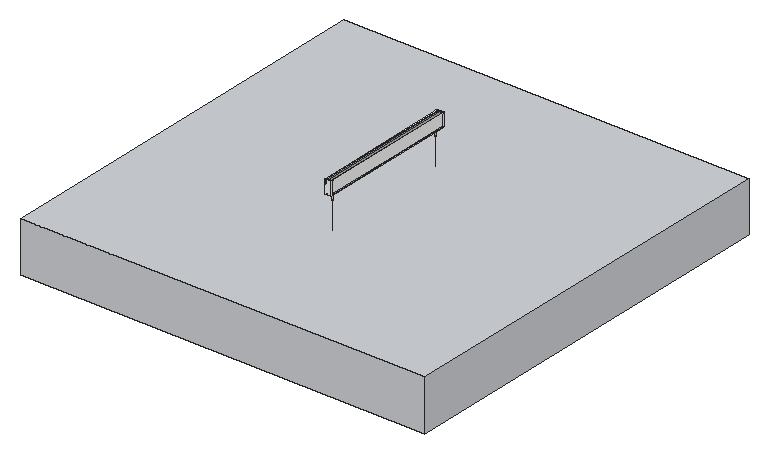
Revit family "LAMP_FIL 35 1400MM D-I OPAL", category Luminarias, Revit 2018
Family settings
  Anfitrión = Cara
  Cota de conector redondo = Diámetro de uso
  Tipo de pieza = Normal
  Corte con vacíos al cargar = No
  Origen de luz = Sí
  Compartido = No
  Punto de cálculo de habitación = No
Parameters (values of type "2817LM 3000K  BLACK")
  Ángulo de inclinación = -90.00°
  Weight = 3.17 kg
  Wattage = 16.44 W
  Type = "MID POWER TRIDONIC"
  built-in parameter 1150107 = 3000 (stored number, unit not read)
  NOT COVER 2 [instance] = not(END COVER 2)  # no
  NOT COVER 1 [instance] = not(END COVER 1)  # no
  Indirect light = LAMP_FIL 35 1400MM D-I OPAL_I : 3000K
  END COVER 2 [instance] = yes
  END COVER 1 [instance] = yes
  Suspension distance [instance] = if(Suspension > 4000 mm, 4000 mm, if(Suspension < 1 mm, 1 mm, Suspension))  # 200 mm
  Suspension [instance] = 200 mm
  built-in parameter 1150110 = 1 (stored number, unit not read)
  built-in parameter 1150109 = 1 (stored number, unit not read)
  built-in parameter 1150112 = 1 (stored number, unit not read)
  built-in parameter 1150113 = 1 (stored number, unit not read)
  built-in parameter 1114218 = 1 (stored number, unit not read)
  Protection rating = "IP20 / IK07"
  Product datasheet = "http://www.lamp.es/product-files/TECH/F31SF140LOIO830NB-EN.pdf"
  Product code = "F31SF140LOIO830NB"
  Product URL = "https://www.lamp.es/en/family/fil-35_413911"
  Power Supply = "220-240V 50/60Hz"
  Power = 23 W
  Plum = 27.4 W
  Photobiological risk = ""
  built-in parameter 1150137 = (empty or 0)
  built-in parameter 1150132 = 2
  Modelo = Product code  # "F31SF140LOIO830NB"
  Model Explanation = ""
  Material suspension = LAMP_Acero genérico
  Material perfil = LAMP_Aluminio Perfil Fil NG
  Material difusor = LAMP_PC Difusor Opal Fil
  Manufacturer name = "LAMP"
  Manufacturer country = "Spain"
  Manufacturer URL = "http://www.lamp.es/en"
  MacAdam = "3"
  Longitud de línea de emisión = 840 mm
  Last update = "14/05/2021"
  Lamp = "MID-POWER LED"
  LED Lifetime = "50.000 L90 B10"
  built-in parameter 1150105 = 134.49 (stored number, unit not read)
  built-in parameter 1150102 = (empty or 0)
  Insulation class = "I"
  Installation instructions = "https://www.lamp.es/product-files/INS/1004590-A%20INSTR.%20FIL35.pdf"
  built-in parameter 1150106 = 1.3449 (stored number, unit not read)
  IEE = "A+"
  Gear = "Electronic"
  Lumens = 1690.03 lm
  Finish = "Matte black RAL 9011"
  Color Filter = 16777215
  built-in parameter 1114217 = 1 (stored number, unit not read)
  built-in parameter 1150139 = (empty or 0)
  Fabricante = Manufacturer name  # "LAMP"
  Default Elevation = 1219.2 mm
  built-in parameter 1150104 = 9.5504 (stored number, unit not read)
  Efficacy = 102.8 lm/W
  Dimensions = "1400x35x80"
  Descripción = "FIL35 SUR 1400 3800 WW D/I OPAL BK."
  built-in parameter 1150115 = 1 (stored number, unit not read)
  built-in parameter 1150114 = 1 (stored number, unit not read)
  built-in parameter 1150138 = (empty or 0)
  built-in parameter 1150134 = 3
  Dimming Lamp Color Temperature Shift = (empty or 0)
  CRI = "80"
  Archivo de red fotométrica = "F31SF140LOIO830NB_D.IES"
  built-in parameter 1150133 = 10 (stored number, unit not read)
Types (12, lengths in mm): name | built-in parameter 1150107 | Indirect light | Product datasheet | Product code | Modelo | Material perfil | built-in parameter 1150105 | built-in parameter 1150106 | Lumens | Finish | built-in parameter 1150104 | Efficacy | Descripción | Archivo de red fotométrica
  2817LM 3000K DALI BLACK | 3000 (stored number, unit not read) | LAMP_FIL 35 1400MM D-I OPAL_I : 3000K | "http://www.lamp.es/product-files/TECH/F31SF140LOIO830DB-EN.pdf" | "F31SF140LOIO830DB" | "F31SF140LOIO830DB" | LAMP_Aluminio Perfil Fil NG | 134.49 (stored number, unit not read) | 1.3449 (stored number, unit not read) | 1690.03 lm | "Matte black RAL 9011" | 9.5504 (stored number, unit not read) | 102.8 lm/W | "FIL35 SUR 1400 2000 WW D/I OPAL DALI BK." | "F31SF140LOIO830NB_D.IES"
  2817LM 3000K DALI GREY | 3000 (stored number, unit not read) | LAMP_FIL 35 1400MM D-I OPAL_I : 3000K | "http://www.lamp.es/product-files/TECH/F31SF140LOIO830DG-EN.pdf" | "F31SF140LOIO830DG" | "F31SF140LOIO830DG" | LAMP_Aluminio Perfil Fil GR | 134.49 (stored number, unit not read) | 1.3449 (stored number, unit not read) | 1690.03 lm | "Gloss grey" | 9.5504 (stored number, unit not read) | 102.8 lm/W | "FIL35 SUR 1400 2000 WW D/I OPAL DALI GR." | "F31SF140LOIO830NB_D.IES"
  2817LM 3000K DALI WHITE | 3000 (stored number, unit not read) | LAMP_FIL 35 1400MM D-I OPAL_I : 3000K | "http://www.lamp.es/product-files/TECH/F31SF140LOIO830DW-EN.pdf" | "F31SF140LOIO830DW" | "F31SF140LOIO830DW" | LAMP_Aluminio Perfil Fil BL | 134.49 (stored number, unit not read) | 1.3449 (stored number, unit not read) | 1690.03 lm | "Matte white RAL 9010" | 9.5504 (stored number, unit not read) | 102.8 lm/W | "FIL35 SUR 1400 2000 WW D/I OPAL DALI WH." | "F31SF140LOIO830NB_D.IES"
  2817LM 3000K  BLACK | 3000 (stored number, unit not read) | LAMP_FIL 35 1400MM D-I OPAL_I : 3000K | "http://www.lamp.es/product-files/TECH/F31SF140LOIO830NB-EN.pdf" | "F31SF140LOIO830NB" | "F31SF140LOIO830NB" | LAMP_Aluminio Perfil Fil NG | 134.49 (stored number, unit not read) | 1.3449 (stored number, unit not read) | 1690.03 lm | "Matte black RAL 9011" | 9.5504 (stored number, unit not read) | 102.8 lm/W | "FIL35 SUR 1400 3800 WW D/I OPAL BK." | "F31SF140LOIO830NB_D.IES"
  2817LM 3000K  GREY | 3000 (stored number, unit not read) | LAMP_FIL 35 1400MM D-I OPAL_I : 3000K | "http://www.lamp.es/product-files/TECH/F31SF140LOIO830NG-EN.pdf" | "F31SF140LOIO830NG" | "F31SF140LOIO830NG" | LAMP_Aluminio Perfil Fil GR | 134.49 (stored number, unit not read) | 1.3449 (stored number, unit not read) | 1690.03 lm | "Gloss grey" | 9.5504 (stored number, unit not read) | 102.8 lm/W | "FIL35 SUR 1400 2000 WW D/I OPAL GR." | "F31SF140LOIO830NB_D.IES"
  2817LM 3000K  WHITE | 3000 (stored number, unit not read) | LAMP_FIL 35 1400MM D-I OPAL_I : 3000K | "http://www.lamp.es/product-files/TECH/F31SF140LOIO830NW-EN.pdf" | "F31SF140LOIO830NW" | "F31SF140LOIO830NW" | LAMP_Aluminio Perfil Fil BL | 134.49 (stored number, unit not read) | 1.3449 (stored number, unit not read) | 1690.03 lm | "Matte white RAL 9010" | 9.5504 (stored number, unit not read) | 102.8 lm/W | "FIL35 SUR 1400 2000 WW D/I OPAL WH." | "F31SF140LOIO830NB_D.IES"
  2966LM 4000K DALI BLACK | 4000 (stored number, unit not read) | LAMP_FIL 35 1400MM D-I OPAL_I : 4000K | "http://www.lamp.es/product-files/TECH/F31SF140LOIO840DB-EN.pdf" | "F31SF140LOIO840DB" | "F31SF140LOIO840DB" | LAMP_Aluminio Perfil Fil NG | 141.55 (stored number, unit not read) | 1.4155 (stored number, unit not read) | 1778.81 lm | "Matte black RAL 9011" | 10.052 (stored number, unit not read) | 108.2 lm/W | "FIL35 SUR 1400 2000 NW D/I OPAL DALI BK." | "F31SF140LOIO840NB_D.IES"
  2966LM 4000K DALI GREY | 4000 (stored number, unit not read) | LAMP_FIL 35 1400MM D-I OPAL_I : 4000K | "http://www.lamp.es/product-files/TECH/F31SF140LOIO840DG-EN.pdf" | "F31SF140LOIO840DG" | "F31SF140LOIO840DG" | LAMP_Aluminio Perfil Fil GR | 141.55 (stored number, unit not read) | 1.4155 (stored number, unit not read) | 1778.81 lm | "Gloss grey" | 10.052 (stored number, unit not read) | 108.2 lm/W | "FIL35 SUR 1400 2000 NW D/I OPAL DALI GR." | "F31SF140LOIO840NB_D.IES"
  2966LM 4000K DALI WHITE | 4000 (stored number, unit not read) | LAMP_FIL 35 1400MM D-I OPAL_I : 4000K | "http://www.lamp.es/product-files/TECH/F31SF140LOIO840DW-EN.pdf" | "F31SF140LOIO840DW" | "F31SF140LOIO840DW" | LAMP_Aluminio Perfil Fil BL | 141.55 (stored number, unit not read) | 1.4155 (stored number, unit not read) | 1778.81 lm | "Matte white RAL 9010" | 10.052 (stored number, unit not read) | 108.2 lm/W | "FIL35 SUR 1400 2000 NW D/I OPAL DALI WH." | "F31SF140LOIO840NB_D.IES"
  2966LM 4000K  BLACK | 4000 (stored number, unit not read) | LAMP_FIL 35 1400MM D-I OPAL_I : 4000K | "http://www.lamp.es/product-files/TECH/F31SF140LOIO840NB-EN.pdf" | "F31SF140LOIO840NB" | "F31SF140LOIO840NB" | LAMP_Aluminio Perfil Fil NG | 141.55 (stored number, unit not read) | 1.4155 (stored number, unit not read) | 1778.81 lm | "Matte black RAL 9011" | 10.052 (stored number, unit not read) | 108.2 lm/W | "FIL35 SUR 1400 2000 NW D/I OPAL BK." | "F31SF140LOIO840NB_D.IES"
  2966LM 4000K  GREY | 4000 (stored number, unit not read) | LAMP_FIL 35 1400MM D-I OPAL_I : 4000K | "http://www.lamp.es/product-files/TECH/F31SF140LOIO840NG-EN.pdf" | "F31SF140LOIO840NG" | "F31SF140LOIO840NG" | LAMP_Aluminio Perfil Fil GR | 141.55 (stored number, unit not read) | 1.4155 (stored number, unit not read) | 1778.81 lm | "Gloss grey" | 10.052 (stored number, unit not read) | 108.2 lm/W | "FIL35 SUR 1400 2000 NW D/I OPAL GR." | "F31SF140LOIO840NB_D.IES"
  2966LM 4000K  WHITE | 4000 (stored number, unit not read) | LAMP_FIL 35 1400MM D-I OPAL_I : 4000K | "http://www.lamp.es/product-files/TECH/F31SF140LOIO840NW-EN.pdf" | "F31SF140LOIO840NW" | "F31SF140LOIO840NW" | LAMP_Aluminio Perfil Fil BL | 141.55 (stored number, unit not read) | 1.4155 (stored number, unit not read) | 1778.81 lm | "Matte white RAL 9010" | 10.052 (stored number, unit not read) | 108.2 lm/W | "FIL35 SUR 1400 2000 NW D/I OPAL WH." | "F31SF140LOIO840NB_D.IES"
Reference planes
  plane 1 "Centro (Frontal/Posterior)": y = 0
  plane 2: z = 0
  plane 3 "Centro (Izquierda/Derecha)": x = 0
Forms (mm)
  Extrusion 1, solid
    sketch origin (0, 0, 0) x (1, 0, 0) y (0, 1, 0)
      loop
        line (-1219.2, 1219.2) -> (-1219.2, -1219.2) -> (1219.2, -1219.2) -> (1219.2, 1219.2) -> (-1219.2, 1219.2)
    from 0 to -304.8
  Extrusion 2, solid, material "LAMP_Aluminio Perfil Fil NG" <- "Material perfil"
    sketch origin (0, 0, 0) x (1, 0, 0) y (0, 0, 1)
      loop
        arc (17.75, 285.7) -> (16.75, 286.7) -> (15.75, 285.7) r 1
        line (15.75, 285.7) -> (15.75, 284.2) -> (13.95, 284.2) -> (13.95, 259) -> (0, 259) -> (-13.95, 259) -> (-13.95, 284.2) -> (-15.75, 284.2) -> (-15.75, 285.7)
        arc (-15.75, 285.7) -> (-16.75, 286.7) -> (-17.75, 285.7) r 1
        line (-17.75, 285.7) -> (-17.75, 206.5) -> (-16.75, 206.5) -> (-16.75, 209.7) -> (-12.5, 209.7) -> (-12.5, 207.7) -> (-14.8, 207.7) -> (-13.6, 206.5) -> (-11, 206.5) -> (-11, 214.5) -> (0, 214.5) -> (11, 214.5) -> (11, 206.5) -> (13.6, 206.5) -> (14.8, 207.7) -> (12.5, 207.7) -> (12.5, 209.7) -> (16.75, 209.7) -> (16.75, 206.5) -> (17.75, 206.5) -> (17.75, 285.7)
    from -420 to 420
  Extrusion 3, solid, material "LAMP_Acero genérico" <- "Material suspension"
    sketch origin (0, 0, 0) x (1, 0, 0) y (0, 0, 1)
      loop
        line (-12.5, 201) -> (-15.291, 208.272) -> (-13.251, 209.7) -> (-14.251, 209.7) -> (-16.291, 208.272) -> (-13.116, 200) -> (0, 200) -> (13.116, 200) -> (16.291, 208.272) -> (14.251, 209.7) -> (13.251, 209.7) -> (15.291, 208.272) -> (12.5, 201) -> (0, 201) -> (-12.5, 201)
    from -400 to -378
  Extrusion 4, solid, material "LAMP_Acero genérico" <- "Material suspension"
    sketch origin (0, -24, 0) x (1, 0, 0) y (0, 1, 0)
      loop
        circle (0, -365) r 5
    from 163.2 to 200
  Extrusion 5, solid, material "LAMP_Acero genérico" <- "Material suspension"
    sketch origin (0, 24, 0) x (1, 0, 0) y (0, 1, 0)
      loop
        circle (0, 365) r 5
    from 163.2 to 200
  Extrusion 6, solid, material "LAMP_Acero genérico" <- "Material suspension"
    sketch origin (0, 0, 0) x (1, 0, 0) y (0, 1, 0)
      loop
        circle (0, -389) r 1
    from 0 to 163.2
  Extrusion 7, solid, material "LAMP_Acero genérico" <- "Material suspension"
    sketch origin (0, 0, 0) x (1, 0, 0) y (0, 1, 0)
      loop
        circle (0, 389) r 1
    from 0 to 163.2
  Extrusion 8, solid, material "LAMP_PC Difusor Opal Fil" <- "Material difusor"
    sketch origin (0, 0, -200) x (1, 0, 0) y (0, 0, 1)
      loop
        line (-15.75, 484.2) -> (0, 484.2) -> (15.75, 484.2) -> (15.75, 486.7) -> (0, 486.7) -> (-15.75, 486.7) -> (-15.75, 484.2)
    from 420 to -420
  Extrusion 9, solid, material "LAMP_Acero genérico" <- "Material suspension"
    sketch origin (0, 0, 0) x (1, 0, 0) y (0, 0, -1)
      loop
        line (-12.5, -201) -> (0, -201) -> (12.5, -201) -> (15.291, -208.272) -> (13.251, -209.7) -> (14.251, -209.7) -> (16.291, -208.272) -> (13.116, -200) -> (0, -200) -> (-13.116, -200) -> (-16.291, -208.272) -> (-14.251, -209.7) -> (-13.251, -209.7) -> (-15.291, -208.272) -> (-12.5, -201)
    from -400 to -378
  Extrusion 10, solid, material "LAMP_PC Difusor Opal Fil" <- "Material difusor"
    sketch origin (0, 0, 0) x (1, 0, 0) y (0, 0, 1)
      loop
        line (-11, 214.5) -> (-11, 206.5) -> (-7.529, 206.5) -> (11, 206.5) -> (11, 214.5) -> (10, 214.5) -> (10, 207.5) -> (-10, 207.5) -> (-10, 214.5) -> (-11, 214.5)
    from 420 to -420
Lines and regions (mm)
  reference lines
    curve 1: line (0, -445.47, 200) -> (0, 544.53, 200)
Text (mm)
  text "Any modification of the parameters and properties of the LAMP BIM models must be executed and validated by the LAMP technical department.\nPhone: +34 93 736 68 00\nE-mail: lamp@lamp.es\n\nLAMP reserves the right to modify the technical specifications of its products." at (3279.264, 5298.162, -2684.539), in view "Preview"
Dimensions and locks
  "Suspension distance": level to curve 1
  locked: Extrusion 4 to Extrusion 4 at 36.8
  locked: Extrusion 5 to Extrusion 5 at 36.8
  aligned and locked: plane 2 to Extrusion 1
  aligned and locked: level to Extrusion 1
  aligned and locked: curve 1 to Extrusion 9
  aligned and locked: curve 1 to Extrusion 3
  aligned and locked: Extrusion 4 to curve 1
  aligned and locked: Extrusion 5 to curve 1
  aligned and locked: Extrusion 6 to Extrusion 4
  aligned and locked: Extrusion 7 to Extrusion 5
  aligned and locked: Extrusion 2 to Extrusion 9
  aligned and locked: Extrusion 10 to Extrusion 2
  aligned and locked: Extrusion 8 to Extrusion 2
  aligned and locked: imposter light to Extrusion 8
  aligned and locked: Extrusion 2 to nested 1
  aligned and locked: nested 2 to Extrusion 2
Automatic sketch dimensions
  Extrusion 1 sketch curve to Extrusion 1 sketch curve = 2438.4 mm  (x2)
  Extrusion 4 sketch curve to plane 3 "Centro (Izquierda/Derecha)" = 0 mm
  plane 1 "Centro (Frontal/Posterior)" to Extrusion 4 sketch curve = 389 mm
  Extrusion 5 sketch curve to plane 3 "Centro (Izquierda/Derecha)" = 0 mm
  plane 1 "Centro (Frontal/Posterior)" to Extrusion 5 sketch curve = 389 mm
  Extrusion 6 sketch curve to plane 3 "Centro (Izquierda/Derecha)" = 0 mm
  plane 1 "Centro (Frontal/Posterior)" to Extrusion 6 sketch curve = 389 mm
  Extrusion 7 sketch curve to plane 3 "Centro (Izquierda/Derecha)" = 0 mm
  plane 1 "Centro (Frontal/Posterior)" to Extrusion 7 sketch curve = 389 mm
  Extrusion 10 sketch curve to plane 3 "Centro (Izquierda/Derecha)" = 11 mm
  Extrusion 10 sketch curve to Extrusion 10 sketch curve = 1 mm  (x3)
  Extrusion 10 sketch curve to Extrusion 10 sketch curve = 2.471 mm
  plane 3 "Centro (Izquierda/Derecha)" to Extrusion 10 sketch curve = 10 mm
  level to Extrusion 10 sketch curve = 206.5 mm
  Extrusion 10 sketch curve to Extrusion 10 sketch curve = 7 mm  (x2)
  Extrusion 2 sketch curve to plane 3 "Centro (Izquierda/Derecha)" = 0 mm  (x2)
  Extrusion 2 sketch curve to Extrusion 2 sketch curve = 11 mm
  Extrusion 2 sketch curve to Extrusion 2 sketch curve = 1.5 mm  (x4)
  Extrusion 2 sketch curve to Extrusion 2 sketch curve = 1.1 mm  (x2)
  Extrusion 2 sketch curve to plane 3 "Centro (Izquierda/Derecha)" = 13.95 mm
  Extrusion 2 sketch curve to Extrusion 2 sketch curve = 1.2 mm  (x4)
  Extrusion 2 sketch curve to Extrusion 2 sketch curve = 1.8 mm  (x2)
  Extrusion 2 sketch curve to Extrusion 2 sketch curve = 1 mm  (x3)
  plane 3 "Centro (Izquierda/Derecha)" to Extrusion 2 sketch curve = 11 mm
  plane 3 "Centro (Izquierda/Derecha)" to Extrusion 2 sketch curve = 13.95 mm
  Extrusion 2 sketch curve to Extrusion 2 sketch curve = 1.95 mm
  level to Extrusion 2 sketch curve = 206.5 mm
  Extrusion 2 sketch curve to Extrusion 2 sketch curve = 0 mm  (x3)
  Extrusion 2 sketch curve to Extrusion 2 sketch curve = 2 mm  (x2)
  Extrusion 2 sketch curve to Extrusion 2 sketch curve = 4.8 mm
  Extrusion 2 sketch curve to Extrusion 2 sketch curve = 44.5 mm
  Extrusion 2 sketch curve to Extrusion 2 sketch curve = 25.2 mm
  Extrusion 2 sketch curve to Extrusion 2 sketch curve = 26.7 mm
  Extrusion 8 sketch curve to plane 3 "Centro (Izquierda/Derecha)" = 0 mm  (x2)
  Extrusion 8 sketch curve to Extrusion 8 sketch curve = 15.75 mm
  plane 3 "Centro (Izquierda/Derecha)" to Extrusion 8 sketch curve = 15.75 mm
  level to Extrusion 8 sketch curve = 284.2 mm
  Extrusion 9 sketch curve to plane 3 "Centro (Izquierda/Derecha)" = 0 mm  (x2)
  Extrusion 9 sketch curve to Extrusion 9 sketch curve = 12.5 mm
  Extrusion 9 sketch curve to Extrusion 9 sketch curve = 0.616 mm  (x2)
  Extrusion 9 sketch curve to Extrusion 9 sketch curve = 0.751 mm  (x2)
  Extrusion 9 sketch curve to Extrusion 9 sketch curve = 1 mm  (x5)
  Extrusion 9 sketch curve to Extrusion 9 sketch curve = 1.04 mm  (x2)
  plane 3 "Centro (Izquierda/Derecha)" to Extrusion 9 sketch curve = 12.5 mm
  level to Extrusion 9 sketch curve = 209.7 mm
  Extrusion 9 sketch curve to Extrusion 9 sketch curve = 0 mm  (x3)
  Extrusion 9 sketch curve to Extrusion 9 sketch curve = 1.428 mm  (x2)
  Extrusion 9 sketch curve to Extrusion 9 sketch curve = 7.272 mm
  Extrusion 3 sketch curve to plane 3 "Centro (Izquierda/Derecha)" = 0 mm  (x2)
  Extrusion 3 sketch curve to Extrusion 3 sketch curve = 12.5 mm
  Extrusion 3 sketch curve to Extrusion 3 sketch curve = 0.616 mm  (x2)
  Extrusion 3 sketch curve to Extrusion 3 sketch curve = 0.751 mm  (x2)
  Extrusion 3 sketch curve to Extrusion 3 sketch curve = 1 mm  (x5)
  Extrusion 3 sketch curve to Extrusion 3 sketch curve = 1.04 mm  (x2)
  plane 3 "Centro (Izquierda/Derecha)" to Extrusion 3 sketch curve = 12.5 mm
  level to Extrusion 3 sketch curve = 200 mm
  Extrusion 3 sketch curve to Extrusion 3 sketch curve = 7.272 mm  (x2)
  Extrusion 3 sketch curve to Extrusion 3 sketch curve = 0 mm  (x2)
  Extrusion 3 sketch curve to Extrusion 3 sketch curve = 1.428 mm  (x2)
  Extrusion 8 sketch curve to Extrusion 8 sketch curve = 2.5 mm
  plane 1 "Centro (Frontal/Posterior)" to curve 1 = 445.47 mm
  curve 1 to plane 1 "Centro (Frontal/Posterior)" = 544.53 mm
  radius of Extrusion 4 sketch curve = 5 mm
  radius of Extrusion 5 sketch curve = 5 mm
  radius of Extrusion 6 sketch curve = 1 mm
  radius of Extrusion 7 sketch curve = 1 mm
Nested families
  nested 1: "LAMP_FIL 35 END COVER SURFACE" at (0, -421.4, 206.5), visible <- "END COVER 1", type "Blanco"
  nested 2: "LAMP_FIL 35 END COVER SURFACE" at (0, 421.4, 206.5), visible <- "END COVER 2", type "Blanco"
  nested 3: "LAMP_FIL 35 1400MM D-I OPAL_I" at (0, 0.224, -1293.5), type "3000K"
Connectors
  electrical at (0, 389, 200)
    settings: on Extrusion 5, index 1, voltage 230 V, apparent load 0 VA, apparent load phase1 0 VA, apparent load phase2 0 VA, apparent load phase3 0 VA, power factor 1, load classification "Otro", number of poles 1, system type 31, power factor state 1, is connector primary yes, connector utility no, sub classification motor no, connector description ""
Definition of nested family "LAMP_FIL 35 END COVER SURFACE"
  Parameters (values of type "Blanco")
    Material tapa = none
  Reference planes
    plane 1 "Centro (Frontal/Posterior)": y = 0
    plane 2: z = 0
    plane 3 "Centro (Izquierda/Derecha)": x = 0
  Forms (mm)
    Extrusion 1, solid, material <- "Material tapa"
      sketch origin (0, 0, 0) x (0, -1, 0) y (0, 0, 1)
        loop
          line (0, 0) -> (1.4, 0) -> (1.4, 80.5) -> (-1.4, 80.5) -> (-1.4, 0) -> (0, 0)
      from -17.8 to 17.8
  Dimensions and locks
    aligned and locked: level to plane 2
Definition of nested family "LAMP_FIL 35 1400MM D-I OPAL_I"
  Parameters (values of type "3000K")
    Tilt Angle = -90.00°
    Wattage = 10.96 W
    built-in parameter 1150110 = 1 (stored number, unit not read)
    built-in parameter 1114217 = 1 (stored number, unit not read)
    built-in parameter 1150109 = 1 (stored number, unit not read)
    built-in parameter 1150134 = (empty or 0)
    built-in parameter 1150113 = 1 (stored number, unit not read)
    Lumens = 1126.8 lm
    built-in parameter 1150115 = 1 (stored number, unit not read)
    built-in parameter 1150105 = 176.13 (stored number, unit not read)
    built-in parameter 1150137 = (empty or 0)
    built-in parameter 1150139 = (empty or 0)
    built-in parameter 1150112 = 1 (stored number, unit not read)
    built-in parameter 1150114 = 1 (stored number, unit not read)
    built-in parameter 1150132 = 2
    built-in parameter 1150102 = (empty or 0)
    built-in parameter 1150138 = (empty or 0)
    built-in parameter 1150107 = 3000 (stored number, unit not read)
    built-in parameter 1150106 = 1.7613 (stored number, unit not read)
    built-in parameter 1150104 = 9.5514 (stored number, unit not read)
    Dimming Lamp Color Temperature Shift = (empty or 0)
    Color Filter = 16777215
    built-in parameter 1114218 = 1 (stored number, unit not read)
    Photometric Web File = "F31SF140LOIO830NB_I.IES"
    built-in parameter 1150133 = 10 (stored number, unit not read)
  Types (3, lengths in mm): name | built-in parameter 1150134 | Lumens | built-in parameter 1150105 | built-in parameter 1150107 | built-in parameter 1150106 | built-in parameter 1150104 | Photometric Web File
    (no name) | (empty or 0) | 1126.8 lm | 176.13 (stored number, unit not read) | 3000 (stored number, unit not read) | 1.7613 (stored number, unit not read) | 9.5514 (stored number, unit not read) | "F31SF140LOIO830NB_I.IES"
    3000K | (empty or 0) | 1126.8 lm | 176.13 (stored number, unit not read) | 3000 (stored number, unit not read) | 1.7613 (stored number, unit not read) | 9.5514 (stored number, unit not read) | "F31SF140LOIO830NB_I.IES"
    4000K | 12 | 1186.31 lm | 94.404 (stored number, unit not read) | 4000 (stored number, unit not read) | 0.94404 (stored number, unit not read) | 10.056 (stored number, unit not read) | "F31SF140LOIO840NB_I.IES"
  Reference planes
    plane 1 "Eje de origen de luz (F/P)": y = 0
    plane 2: z = 0
    plane 3 "Eje de origen de luz (I/D)": x = 0
    plane 4 "Elevación de origen de luz": z = 1500
  Dimensions and locks
    aligned and locked: plane 3 "Eje de origen de luz (I/D)" to imposter light
    aligned and locked: plane 1 "Eje de origen de luz (F/P)" to imposter light
    aligned and locked: plane 4 "Elevación de origen de luz" to imposter light
    aligned and locked: level to plane 2
